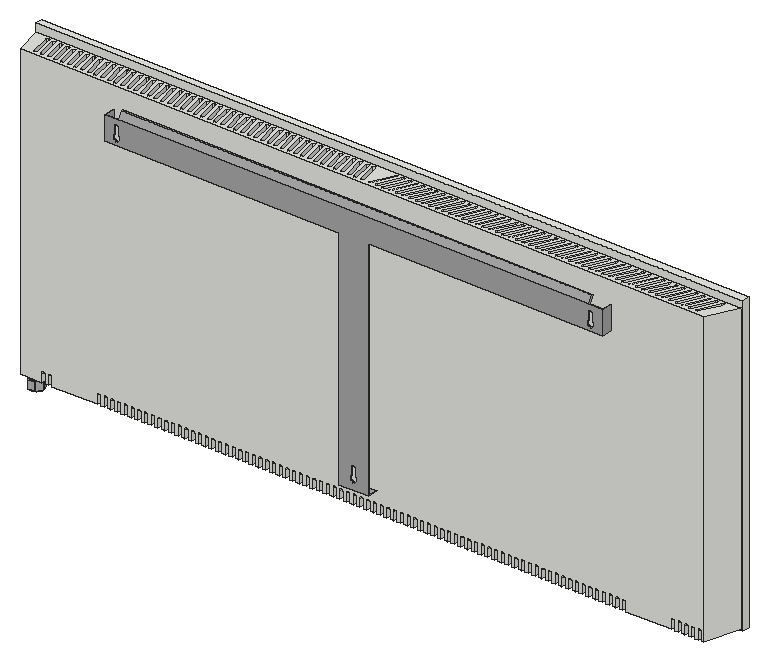
Revit family "Modern Plus", category Mechanical Equipment, host Wall, Revit 2020 (continued)
Definition of nested family "MDN 1500 PLUS"
  Forms (mm)
    Extrusion 12, void
      sketch origin (0, 0, 0) x (1, 0, 0) y (0, 1, 0)
        loop
          line (-33.63, -7.84) -> (-23.397, 25.63)
          arc (-23.397, 25.63) -> (-25.057, 28.752) -> (-28.178, 27.092) r 2.5
          line (-28.178, 27.092) -> (-38.411, -6.378)
          arc (-38.411, -6.378) -> (-36.751, -9.5) -> (-33.63, -7.84) r 2.5
        loop
          line (-23.73, -7.84) -> (-13.497, 25.63)
          arc (-13.497, 25.63) -> (-15.157, 28.752) -> (-18.278, 27.092) r 2.5
          line (-18.278, 27.092) -> (-28.511, -6.378)
          arc (-28.511, -6.378) -> (-26.851, -9.5) -> (-23.73, -7.84) r 2.5
        loop
          line (-13.83, -7.84) -> (-3.597, 25.63)
          arc (-3.597, 25.63) -> (-5.257, 28.752) -> (-8.378, 27.092) r 2.5
          line (-8.378, 27.092) -> (-18.611, -6.378)
          arc (-18.611, -6.378) -> (-16.951, -9.5) -> (-13.83, -7.84) r 2.5
        loop
          line (-498.93, -7.84) -> (-488.697, 25.63)
          arc (-488.697, 25.63) -> (-490.357, 28.752) -> (-493.478, 27.092) r 2.5
          line (-493.478, 27.092) -> (-503.711, -6.378)
          arc (-503.711, -6.378) -> (-502.051, -9.5) -> (-498.93, -7.84) r 2.5
        loop
          arc (498.93, -7.84) -> (502.051, -9.5) -> (503.711, -6.378) r 2.5
          line (503.711, -6.378) -> (493.478, 27.092)
          arc (493.478, 27.092) -> (490.357, 28.752) -> (488.697, 25.63) r 2.5
          line (488.697, 25.63) -> (498.93, -7.84)
        loop
          arc (419.73, -7.84) -> (422.851, -9.5) -> (424.511, -6.378) r 2.5
          line (424.511, -6.378) -> (414.278, 27.092)
          arc (414.278, 27.092) -> (411.157, 28.752) -> (409.497, 25.63) r 2.5
          line (409.497, 25.63) -> (419.73, -7.84)
        loop
          arc (409.83, -7.84) -> (412.951, -9.5) -> (414.611, -6.378) r 2.5
          line (414.611, -6.378) -> (404.378, 27.092)
          arc (404.378, 27.092) -> (401.257, 28.752) -> (399.597, 25.63) r 2.5
          line (399.597, 25.63) -> (409.83, -7.84)
        loop
          arc (399.93, -7.84) -> (403.051, -9.5) -> (404.711, -6.378) r 2.5
          line (404.711, -6.378) -> (394.478, 27.092)
          arc (394.478, 27.092) -> (391.357, 28.752) -> (389.697, 25.63) r 2.5
          line (389.697, 25.63) -> (399.93, -7.84)
        loop
          arc (390.03, -7.84) -> (393.151, -9.5) -> (394.811, -6.378) r 2.5
          line (394.811, -6.378) -> (384.578, 27.092)
          arc (384.578, 27.092) -> (381.457, 28.752) -> (379.797, 25.63) r 2.5
          line (379.797, 25.63) -> (390.03, -7.84)
        loop
          arc (380.13, -7.84) -> (383.251, -9.5) -> (384.911, -6.378) r 2.5
          line (384.911, -6.378) -> (374.678, 27.092)
          arc (374.678, 27.092) -> (371.557, 28.752) -> (369.897, 25.63) r 2.5
          line (369.897, 25.63) -> (380.13, -7.84)
        loop
          arc (370.23, -7.84) -> (373.351, -9.5) -> (375.011, -6.378) r 2.5
          line (375.011, -6.378) -> (364.778, 27.092)
          arc (364.778, 27.092) -> (361.657, 28.752) -> (359.997, 25.63) r 2.5
          line (359.997, 25.63) -> (370.23, -7.84)
        loop
          arc (360.33, -7.84) -> (363.451, -9.5) -> (365.111, -6.378) r 2.5
          line (365.111, -6.378) -> (354.878, 27.092)
          arc (354.878, 27.092) -> (351.757, 28.752) -> (350.097, 25.63) r 2.5
          line (350.097, 25.63) -> (360.33, -7.84)
        loop
          arc (489.03, -7.84) -> (492.151, -9.5) -> (493.811, -6.378) r 2.5
          line (493.811, -6.378) -> (483.578, 27.092)
          arc (483.578, 27.092) -> (480.457, 28.752) -> (478.797, 25.63) r 2.5
          line (478.797, 25.63) -> (489.03, -7.84)
        loop
          arc (479.13, -7.84) -> (482.251, -9.5) -> (483.911, -6.378) r 2.5
          line (483.911, -6.378) -> (473.678, 27.092)
          arc (473.678, 27.092) -> (470.557, 28.752) -> (468.897, 25.63) r 2.5
          line (468.897, 25.63) -> (479.13, -7.84)
        loop
          arc (469.23, -7.84) -> (472.351, -9.5) -> (474.011, -6.378) r 2.5
          line (474.011, -6.378) -> (463.778, 27.092)
          arc (463.778, 27.092) -> (460.657, 28.752) -> (458.997, 25.63) r 2.5
          line (458.997, 25.63) -> (469.23, -7.84)
        loop
          arc (459.33, -7.84) -> (462.451, -9.5) -> (464.111, -6.378) r 2.5
          line (464.111, -6.378) -> (453.878, 27.092)
          arc (453.878, 27.092) -> (450.757, 28.752) -> (449.097, 25.63) r 2.5
          line (449.097, 25.63) -> (459.33, -7.84)
        loop
          arc (449.43, -7.84) -> (452.551, -9.5) -> (454.211, -6.378) r 2.5
          line (454.211, -6.378) -> (443.978, 27.092)
          arc (443.978, 27.092) -> (440.857, 28.752) -> (439.197, 25.63) r 2.5
          line (439.197, 25.63) -> (449.43, -7.84)
        loop
          arc (439.53, -7.84) -> (442.651, -9.5) -> (444.311, -6.378) r 2.5
          line (444.311, -6.378) -> (434.078, 27.092)
          arc (434.078, 27.092) -> (430.957, 28.752) -> (429.297, 25.63) r 2.5
          line (429.297, 25.63) -> (439.53, -7.84)
        loop
          arc (429.63, -7.84) -> (432.751, -9.5) -> (434.411, -6.378) r 2.5
          line (434.411, -6.378) -> (424.178, 27.092)
          arc (424.178, 27.092) -> (421.057, 28.752) -> (419.397, 25.63) r 2.5
          line (419.397, 25.63) -> (429.63, -7.84)
        loop
          line (-429.63, -7.84) -> (-419.397, 25.63)
          arc (-419.397, 25.63) -> (-421.057, 28.752) -> (-424.178, 27.092) r 2.5
          line (-424.178, 27.092) -> (-434.411, -6.378)
          arc (-434.411, -6.378) -> (-432.751, -9.5) -> (-429.63, -7.84) r 2.5
        loop
          line (-419.73, -7.84) -> (-409.497, 25.63)
          arc (-409.497, 25.63) -> (-411.157, 28.752) -> (-414.278, 27.092) r 2.5
          line (-414.278, 27.092) -> (-424.511, -6.378)
          arc (-424.511, -6.378) -> (-422.851, -9.5) -> (-419.73, -7.84) r 2.5
        loop
          line (-409.83, -7.84) -> (-399.597, 25.63)
          arc (-399.597, 25.63) -> (-401.257, 28.752) -> (-404.378, 27.092) r 2.5
          line (-404.378, 27.092) -> (-414.611, -6.378)
          arc (-414.611, -6.378) -> (-412.951, -9.5) -> (-409.83, -7.84) r 2.5
        loop
          line (-399.93, -7.84) -> (-389.697, 25.63)
          arc (-389.697, 25.63) -> (-391.357, 28.752) -> (-394.478, 27.092) r 2.5
          line (-394.478, 27.092) -> (-404.711, -6.378)
          arc (-404.711, -6.378) -> (-403.051, -9.5) -> (-399.93, -7.84) r 2.5
        loop
          line (-390.03, -7.84) -> (-379.797, 25.63)
          arc (-379.797, 25.63) -> (-381.457, 28.752) -> (-384.578, 27.092) r 2.5
          line (-384.578, 27.092) -> (-394.811, -6.378)
          arc (-394.811, -6.378) -> (-393.151, -9.5) -> (-390.03, -7.84) r 2.5
        loop
          line (-380.13, -7.84) -> (-369.897, 25.63)
          arc (-369.897, 25.63) -> (-371.557, 28.752) -> (-374.678, 27.092) r 2.5
          line (-374.678, 27.092) -> (-384.911, -6.378)
          arc (-384.911, -6.378) -> (-383.251, -9.5) -> (-380.13, -7.84) r 2.5
        loop
          line (-370.23, -7.84) -> (-359.997, 25.63)
          arc (-359.997, 25.63) -> (-361.657, 28.752) -> (-364.778, 27.092) r 2.5
          line (-364.778, 27.092) -> (-375.011, -6.378)
          arc (-375.011, -6.378) -> (-373.351, -9.5) -> (-370.23, -7.84) r 2.5
        loop
          line (-360.33, -7.84) -> (-350.097, 25.63)
          arc (-350.097, 25.63) -> (-351.757, 28.752) -> (-354.878, 27.092) r 2.5
          line (-354.878, 27.092) -> (-365.111, -6.378)
          arc (-365.111, -6.378) -> (-363.451, -9.5) -> (-360.33, -7.84) r 2.5
        loop
          line (-489.03, -7.84) -> (-478.797, 25.63)
          arc (-478.797, 25.63) -> (-480.457, 28.752) -> (-483.578, 27.092) r 2.5
          line (-483.578, 27.092) -> (-493.811, -6.378)
          arc (-493.811, -6.378) -> (-492.151, -9.5) -> (-489.03, -7.84) r 2.5
        loop
          line (-479.13, -7.84) -> (-468.897, 25.63)
          arc (-468.897, 25.63) -> (-470.557, 28.752) -> (-473.678, 27.092) r 2.5
          line (-473.678, 27.092) -> (-483.911, -6.378)
          arc (-483.911, -6.378) -> (-482.251, -9.5) -> (-479.13, -7.84) r 2.5
        loop
          line (-469.23, -7.84) -> (-458.997, 25.63)
          arc (-458.997, 25.63) -> (-460.657, 28.752) -> (-463.778, 27.092) r 2.5
          line (-463.778, 27.092) -> (-474.011, -6.378)
          arc (-474.011, -6.378) -> (-472.351, -9.5) -> (-469.23, -7.84) r 2.5
        loop
          line (-459.33, -7.84) -> (-449.097, 25.63)
          arc (-449.097, 25.63) -> (-450.757, 28.752) -> (-453.878, 27.092) r 2.5
          line (-453.878, 27.092) -> (-464.111, -6.378)
          arc (-464.111, -6.378) -> (-462.451, -9.5) -> (-459.33, -7.84) r 2.5
        loop
          line (-449.43, -7.84) -> (-439.197, 25.63)
          arc (-439.197, 25.63) -> (-440.857, 28.752) -> (-443.978, 27.092) r 2.5
          line (-443.978, 27.092) -> (-454.211, -6.378)
          arc (-454.211, -6.378) -> (-452.551, -9.5) -> (-449.43, -7.84) r 2.5
        loop
          line (-439.53, -7.84) -> (-429.297, 25.63)
          arc (-429.297, 25.63) -> (-430.957, 28.752) -> (-434.078, 27.092) r 2.5
          line (-434.078, 27.092) -> (-444.311, -6.378)
          arc (-444.311, -6.378) -> (-442.651, -9.5) -> (-439.53, -7.84) r 2.5
      from 420 to 440
    Extrusion 13, void
      sketch origin (150, 0, 0) x (1, 0, 0) y (0, 1, 0)
        loop
          line (297, -25.5) -> (297, -15.5) -> (253, -15.5) -> (253, -25.5) -> (297, -25.5)
      from 0 to 3
    Extrusion 14, void
      sketch origin (-150, 0, 0) x (-1, 0, 0) y (0, -1, 0)
        loop
          line (297, 25.5) -> (253, 25.5) -> (253, 15.5) -> (297, 15.5) -> (297, 25.5)
      from 0 to 3
    Extrusion 15, void
      sketch origin (0, 200, 0) x (1, 0, 0) y (0, 1, 0)
        loop
          line (-480, -184) -> (-480, -209)
          arc (-480, -209) -> (-477.5, -211.5) -> (-475, -209) r 2.5
          line (-475, -209) -> (-475, -184)
          arc (-475, -184) -> (-477.5, -181.5) -> (-480, -184) r 2.5
        loop
          line (-470.469, -184) -> (-470.469, -209.229)
          arc (-470.469, -209.229) -> (-467.969, -211.729) -> (-465.469, -209.229) r 2.5
          line (-465.469, -209.229) -> (-465.469, -184)
          arc (-465.469, -184) -> (-467.969, -181.5) -> (-470.469, -184) r 2.5
        loop
          line (-460, -184) -> (-460, -209)
          arc (-460, -209) -> (-457.5, -211.5) -> (-455, -209) r 2.5
          line (-455, -209) -> (-455, -184)
          arc (-455, -184) -> (-457.5, -181.5) -> (-460, -184) r 2.5
        loop
          line (2.5, -184) -> (2.5, -209)
          arc (2.5, -209) -> (5, -211.5) -> (7.5, -209) r 2.5
          line (7.5, -209) -> (7.5, -184)
          arc (7.5, -184) -> (5, -181.5) -> (2.5, -184) r 2.5
        loop
          line (-7.5, -184) -> (-7.5, -209)
          arc (-7.5, -209) -> (-5, -211.5) -> (-2.5, -209) r 2.5
          line (-2.5, -209) -> (-2.5, -184)
          arc (-2.5, -184) -> (-5, -181.5) -> (-7.5, -184) r 2.5
        loop
          line (-17.5, -184) -> (-17.5, -209)
          arc (-17.5, -209) -> (-15, -211.5) -> (-12.5, -209) r 2.5
          line (-12.5, -209) -> (-12.5, -184)
          arc (-12.5, -184) -> (-15, -181.5) -> (-17.5, -184) r 2.5
        loop
          line (-27.5, -184) -> (-27.5, -209)
          arc (-27.5, -209) -> (-25, -211.5) -> (-22.5, -209) r 2.5
          line (-22.5, -209) -> (-22.5, -184)
          arc (-22.5, -184) -> (-25, -181.5) -> (-27.5, -184) r 2.5
        loop
          line (-37.5, -184) -> (-37.5, -209)
          arc (-37.5, -209) -> (-35, -211.5) -> (-32.5, -209) r 2.5
          line (-32.5, -209) -> (-32.5, -184)
          arc (-32.5, -184) -> (-35, -181.5) -> (-37.5, -184) r 2.5
        loop
          line (-47.5, -184) -> (-47.5, -209)
          arc (-47.5, -209) -> (-45, -211.5) -> (-42.5, -209) r 2.5
          line (-42.5, -209) -> (-42.5, -184)
          arc (-42.5, -184) -> (-45, -181.5) -> (-47.5, -184) r 2.5
        loop
          line (-57.5, -184) -> (-57.5, -209)
          arc (-57.5, -209) -> (-55, -211.5) -> (-52.5, -209) r 2.5
          line (-52.5, -209) -> (-52.5, -184)
          arc (-52.5, -184) -> (-55, -181.5) -> (-57.5, -184) r 2.5
        loop
          line (-67.5, -184) -> (-67.5, -209)
          arc (-67.5, -209) -> (-65, -211.5) -> (-62.5, -209) r 2.5
          line (-62.5, -209) -> (-62.5, -184)
          arc (-62.5, -184) -> (-65, -181.5) -> (-67.5, -184) r 2.5
        loop
          line (42.5, -184) -> (42.5, -209)
          arc (42.5, -209) -> (45, -211.5) -> (47.5, -209) r 2.5
          line (47.5, -209) -> (47.5, -184)
          arc (47.5, -184) -> (45, -181.5) -> (42.5, -184) r 2.5
        loop
          line (32.5, -184) -> (32.5, -209)
          arc (32.5, -209) -> (35, -211.5) -> (37.5, -209) r 2.5
          line (37.5, -209) -> (37.5, -184)
          arc (37.5, -184) -> (35, -181.5) -> (32.5, -184) r 2.5
        loop
          line (22.5, -184) -> (22.5, -209)
          arc (22.5, -209) -> (25, -211.5) -> (27.5, -209) r 2.5
          line (27.5, -209) -> (27.5, -184)
          arc (27.5, -184) -> (25, -181.5) -> (22.5, -184) r 2.5
        loop
          line (12.5, -184) -> (12.5, -209)
          arc (12.5, -209) -> (15, -211.5) -> (17.5, -209) r 2.5
          line (17.5, -209) -> (17.5, -184)
          arc (17.5, -184) -> (15, -181.5) -> (12.5, -184) r 2.5
        loop
          line (62.5, -184) -> (62.5, -209)
          arc (62.5, -209) -> (65, -211.5) -> (67.5, -209) r 2.5
          line (67.5, -209) -> (67.5, -184)
          arc (67.5, -184) -> (65, -181.5) -> (62.5, -184) r 2.5
        loop
          line (52.5, -184) -> (52.5, -209)
          arc (52.5, -209) -> (55, -211.5) -> (57.5, -209) r 2.5
          line (57.5, -209) -> (57.5, -184)
          arc (57.5, -184) -> (55, -181.5) -> (52.5, -184) r 2.5
        loop
          line (-97.5, -184) -> (-97.5, -209)
          arc (-97.5, -209) -> (-95, -211.5) -> (-92.5, -209) r 2.5
          line (-92.5, -209) -> (-92.5, -184)
          arc (-92.5, -184) -> (-95, -181.5) -> (-97.5, -184) r 2.5
        loop
          line (-107.5, -184) -> (-107.5, -209)
          arc (-107.5, -209) -> (-105, -211.5) -> (-102.5, -209) r 2.5
          line (-102.5, -209) -> (-102.5, -184)
          arc (-102.5, -184) -> (-105, -181.5) -> (-107.5, -184) r 2.5
        loop
          line (-117.5, -184) -> (-117.5, -209)
          arc (-117.5, -209) -> (-115, -211.5) -> (-112.5, -209) r 2.5
          line (-112.5, -209) -> (-112.5, -184)
          arc (-112.5, -184) -> (-115, -181.5) -> (-117.5, -184) r 2.5
        loop
          line (-127.5, -184) -> (-127.5, -209)
          arc (-127.5, -209) -> (-125, -211.5) -> (-122.5, -209) r 2.5
          line (-122.5, -209) -> (-122.5, -184)
          arc (-122.5, -184) -> (-125, -181.5) -> (-127.5, -184) r 2.5
        loop
          line (-137.5, -184) -> (-137.5, -209)
          arc (-137.5, -209) -> (-135, -211.5) -> (-132.5, -209) r 2.5
          line (-132.5, -209) -> (-132.5, -184)
          arc (-132.5, -184) -> (-135, -181.5) -> (-137.5, -184) r 2.5
        loop
          line (-147.5, -184) -> (-147.5, -209)
          arc (-147.5, -209) -> (-145, -211.5) -> (-142.5, -209) r 2.5
          line (-142.5, -209) -> (-142.5, -184)
          arc (-142.5, -184) -> (-145, -181.5) -> (-147.5, -184) r 2.5
        loop
          line (-157.5, -184) -> (-157.5, -209)
          arc (-157.5, -209) -> (-155, -211.5) -> (-152.5, -209) r 2.5
          line (-152.5, -209) -> (-152.5, -184)
          arc (-152.5, -184) -> (-155, -181.5) -> (-157.5, -184) r 2.5
        loop
          line (-167.5, -184) -> (-167.5, -209)
          arc (-167.5, -209) -> (-165, -211.5) -> (-162.5, -209) r 2.5
          line (-162.5, -209) -> (-162.5, -184)
          arc (-162.5, -184) -> (-165, -181.5) -> (-167.5, -184) r 2.5
        loop
          line (-77.5, -184) -> (-77.5, -209)
          arc (-77.5, -209) -> (-75, -211.5) -> (-72.5, -209) r 2.5
          line (-72.5, -209) -> (-72.5, -184)
          arc (-72.5, -184) -> (-75, -181.5) -> (-77.5, -184) r 2.5
        loop
          line (-87.5, -184) -> (-87.5, -209)
          arc (-87.5, -209) -> (-85, -211.5) -> (-82.5, -209) r 2.5
          line (-82.5, -209) -> (-82.5, -184)
          arc (-82.5, -184) -> (-85, -181.5) -> (-87.5, -184) r 2.5
        loop
          line (-197.5, -184) -> (-197.5, -209)
          arc (-197.5, -209) -> (-195, -211.5) -> (-192.5, -209) r 2.5
          line (-192.5, -209) -> (-192.5, -184)
          arc (-192.5, -184) -> (-195, -181.5) -> (-197.5, -184) r 2.5
        loop
          line (-207.5, -184) -> (-207.5, -209)
          arc (-207.5, -209) -> (-205, -211.5) -> (-202.5, -209) r 2.5
          line (-202.5, -209) -> (-202.5, -184)
          arc (-202.5, -184) -> (-205, -181.5) -> (-207.5, -184) r 2.5
        loop
          line (-217.5, -184) -> (-217.5, -209)
          arc (-217.5, -209) -> (-215, -211.5) -> (-212.5, -209) r 2.5
          line (-212.5, -209) -> (-212.5, -184)
          arc (-212.5, -184) -> (-215, -181.5) -> (-217.5, -184) r 2.5
        loop
          line (-227.5, -184) -> (-227.5, -209)
          arc (-227.5, -209) -> (-225, -211.5) -> (-222.5, -209) r 2.5
          line (-222.5, -209) -> (-222.5, -184)
          arc (-222.5, -184) -> (-225, -181.5) -> (-227.5, -184) r 2.5
        loop
          line (-237.5, -184) -> (-237.5, -209)
          arc (-237.5, -209) -> (-235, -211.5) -> (-232.5, -209) r 2.5
          line (-232.5, -209) -> (-232.5, -184)
          arc (-232.5, -184) -> (-235, -181.5) -> (-237.5, -184) r 2.5
        loop
          line (-177.5, -184) -> (-177.5, -209)
          arc (-177.5, -209) -> (-175, -211.5) -> (-172.5, -209) r 2.5
          line (-172.5, -209) -> (-172.5, -184)
          arc (-172.5, -184) -> (-175, -181.5) -> (-177.5, -184) r 2.5
        loop
          line (-187.5, -184) -> (-187.5, -209)
          arc (-187.5, -209) -> (-185, -211.5) -> (-182.5, -209) r 2.5
          line (-182.5, -209) -> (-182.5, -184)
          arc (-182.5, -184) -> (-185, -181.5) -> (-187.5, -184) r 2.5
        loop
          line (222.5, -184) -> (222.5, -209)
          arc (222.5, -209) -> (225, -211.5) -> (227.5, -209) r 2.5
          line (227.5, -209) -> (227.5, -184)
          arc (227.5, -184) -> (225, -181.5) -> (222.5, -184) r 2.5
        loop
          line (212.5, -184) -> (212.5, -209)
          arc (212.5, -209) -> (215, -211.5) -> (217.5, -209) r 2.5
          line (217.5, -209) -> (217.5, -184)
          arc (217.5, -184) -> (215, -181.5) -> (212.5, -184) r 2.5
        loop
          line (202.5, -184) -> (202.5, -209)
          arc (202.5, -209) -> (205, -211.5) -> (207.5, -209) r 2.5
          line (207.5, -209) -> (207.5, -184)
          arc (207.5, -184) -> (205, -181.5) -> (202.5, -184) r 2.5
        loop
          line (192.5, -184) -> (192.5, -209)
          arc (192.5, -209) -> (195, -211.5) -> (197.5, -209) r 2.5
          line (197.5, -209) -> (197.5, -184)
          arc (197.5, -184) -> (195, -181.5) -> (192.5, -184) r 2.5
        loop
          line (182.5, -184) -> (182.5, -209)
          arc (182.5, -209) -> (185, -211.5) -> (187.5, -209) r 2.5
          line (187.5, -209) -> (187.5, -184)
          arc (187.5, -184) -> (185, -181.5) -> (182.5, -184) r 2.5
        loop
          line (172.5, -184) -> (172.5, -209)
          arc (172.5, -209) -> (175, -211.5) -> (177.5, -209) r 2.5
          line (177.5, -209) -> (177.5, -184)
          arc (177.5, -184) -> (175, -181.5) -> (172.5, -184) r 2.5
        loop
          line (162.5, -184) -> (162.5, -209)
          arc (162.5, -209) -> (165, -211.5) -> (167.5, -209) r 2.5
          line (167.5, -209) -> (167.5, -184)
          arc (167.5, -184) -> (165, -181.5) -> (162.5, -184) r 2.5
        loop
          line (152.5, -184) -> (152.5, -209)
          arc (152.5, -209) -> (155, -211.5) -> (157.5, -209) r 2.5
          line (157.5, -209) -> (157.5, -184)
          arc (157.5, -184) -> (155, -181.5) -> (152.5, -184) r 2.5
        loop
          line (242.5, -184) -> (242.5, -209)
          arc (242.5, -209) -> (245, -211.5) -> (247.5, -209) r 2.5
          line (247.5, -209) -> (247.5, -184)
          arc (247.5, -184) -> (245, -181.5) -> (242.5, -184) r 2.5
        loop
          line (232.5, -184) -> (232.5, -209)
          arc (232.5, -209) -> (235, -211.5) -> (237.5, -209) r 2.5
          line (237.5, -209) -> (237.5, -184)
          arc (237.5, -184) -> (235, -181.5) -> (232.5, -184) r 2.5
        loop
          line (122.5, -184) -> (122.5, -209)
          arc (122.5, -209) -> (125, -211.5) -> (127.5, -209) r 2.5
          line (127.5, -209) -> (127.5, -184)
          arc (127.5, -184) -> (125, -181.5) -> (122.5, -184) r 2.5
        loop
          line (112.5, -184) -> (112.5, -209)
          arc (112.5, -209) -> (115, -211.5) -> (117.5, -209) r 2.5
          line (117.5, -209) -> (117.5, -184)
          arc (117.5, -184) -> (115, -181.5) -> (112.5, -184) r 2.5
        loop
          line (102.5, -184) -> (102.5, -209)
          arc (102.5, -209) -> (105, -211.5) -> (107.5, -209) r 2.5
          line (107.5, -209) -> (107.5, -184)
          arc (107.5, -184) -> (105, -181.5) -> (102.5, -184) r 2.5
        loop
          line (92.5, -184) -> (92.5, -209)
          arc (92.5, -209) -> (95, -211.5) -> (97.5, -209) r 2.5
          line (97.5, -209) -> (97.5, -184)
          arc (97.5, -184) -> (95, -181.5) -> (92.5, -184) r 2.5
        loop
          line (82.5, -184) -> (82.5, -209)
          arc (82.5, -209) -> (85, -211.5) -> (87.5, -209) r 2.5
          line (87.5, -209) -> (87.5, -184)
          arc (87.5, -184) -> (85, -181.5) -> (82.5, -184) r 2.5
        loop
          line (72.5, -184) -> (72.5, -209)
          arc (72.5, -209) -> (75, -211.5) -> (77.5, -209) r 2.5
          line (77.5, -209) -> (77.5, -184)
          arc (77.5, -184) -> (75, -181.5) -> (72.5, -184) r 2.5
        loop
          line (142.5, -184) -> (142.5, -209)
          arc (142.5, -209) -> (145, -211.5) -> (147.5, -209) r 2.5
          line (147.5, -209) -> (147.5, -184)
          arc (147.5, -184) -> (145, -181.5) -> (142.5, -184) r 2.5
        loop
          line (132.5, -184) -> (132.5, -209)
          arc (132.5, -209) -> (135, -211.5) -> (137.5, -209) r 2.5
          line (137.5, -209) -> (137.5, -184)
          arc (137.5, -184) -> (135, -181.5) -> (132.5, -184) r 2.5
        loop
          line (455, -184) -> (455, -209)
          arc (455, -209) -> (457.5, -211.5) -> (460, -209) r 2.5
          line (460, -209) -> (460, -184)
          arc (460, -184) -> (457.5, -181.5) -> (455, -184) r 2.5
        loop
          line (465, -184) -> (465, -209)
          arc (465, -209) -> (467.5, -211.5) -> (470, -209) r 2.5
          line (470, -209) -> (470, -184)
          arc (470, -184) -> (467.5, -181.5) -> (465, -184) r 2.5
        loop
          line (475, -184) -> (475, -209)
          arc (475, -209) -> (477.5, -211.5) -> (480, -209) r 2.5
          line (480, -209) -> (480, -184)
          arc (480, -184) -> (477.5, -181.5) -> (475, -184) r 2.5
        loop
          line (-500, -184) -> (-500, -209)
          arc (-500, -209) -> (-497.5, -211.5) -> (-495, -209) r 2.5
          line (-495, -209) -> (-495, -184)
          arc (-495, -184) -> (-497.5, -181.5) -> (-500, -184) r 2.5
        loop
          line (-490, -184) -> (-490, -209)
          arc (-490, -209) -> (-487.5, -211.5) -> (-485, -209) r 2.5
          line (-485, -209) -> (-485, -184)
          arc (-485, -184) -> (-487.5, -181.5) -> (-490, -184) r 2.5
        loop
          line (392.5, -184) -> (392.5, -209)
          arc (392.5, -209) -> (395, -211.5) -> (397.5, -209) r 2.5
          line (397.5, -209) -> (397.5, -184)
          arc (397.5, -184) -> (395, -181.5) -> (392.5, -184) r 2.5
        loop
          line (262.5, -184) -> (262.5, -209)
          arc (262.5, -209) -> (265, -211.5) -> (267.5, -209) r 2.5
          line (267.5, -209) -> (267.5, -184)
          arc (267.5, -184) -> (265, -181.5) -> (262.5, -184) r 2.5
        loop
          line (252.5, -184) -> (252.5, -209)
          arc (252.5, -209) -> (255, -211.5) -> (257.5, -209) r 2.5
          line (257.5, -209) -> (257.5, -184)
          arc (257.5, -184) -> (255, -181.5) -> (252.5, -184) r 2.5
        loop
          line (282.5, -184) -> (282.5, -209)
          arc (282.5, -209) -> (285, -211.5) -> (287.5, -209) r 2.5
          line (287.5, -209) -> (287.5, -184)
          arc (287.5, -184) -> (285, -181.5) -> (282.5, -184) r 2.5
        loop
          line (272.5, -184) -> (272.5, -209)
          arc (272.5, -209) -> (275, -211.5) -> (277.5, -209) r 2.5
          line (277.5, -209) -> (277.5, -184)
          arc (277.5, -184) -> (275, -181.5) -> (272.5, -184) r 2.5
        loop
          line (302.5, -184) -> (302.5, -209)
          arc (302.5, -209) -> (305, -211.5) -> (307.5, -209) r 2.5
          line (307.5, -209) -> (307.5, -184)
          arc (307.5, -184) -> (305, -181.5) -> (302.5, -184) r 2.5
        loop
          line (292.5, -184) -> (292.5, -209)
          arc (292.5, -209) -> (295, -211.5) -> (297.5, -209) r 2.5
          line (297.5, -209) -> (297.5, -184)
          arc (297.5, -184) -> (295, -181.5) -> (292.5, -184) r 2.5
        loop
          line (322.5, -184) -> (322.5, -209)
          arc (322.5, -209) -> (325, -211.5) -> (327.5, -209) r 2.5
          line (327.5, -209) -> (327.5, -184)
          arc (327.5, -184) -> (325, -181.5) -> (322.5, -184) r 2.5
        loop
          line (312.5, -184) -> (312.5, -209)
          arc (312.5, -209) -> (315, -211.5) -> (317.5, -209) r 2.5
          line (317.5, -209) -> (317.5, -184)
          arc (317.5, -184) -> (315, -181.5) -> (312.5, -184) r 2.5
        loop
          line (342.5, -184) -> (342.5, -209)
          arc (342.5, -209) -> (345, -211.5) -> (347.5, -209) r 2.5
          line (347.5, -209) -> (347.5, -184)
          arc (347.5, -184) -> (345, -181.5) -> (342.5, -184) r 2.5
        loop
          line (332.5, -184) -> (332.5, -209)
          arc (332.5, -209) -> (335, -211.5) -> (337.5, -209) r 2.5
          line (337.5, -209) -> (337.5, -184)
          arc (337.5, -184) -> (335, -181.5) -> (332.5, -184) r 2.5
        loop
          line (362.5, -184) -> (362.5, -209)
          arc (362.5, -209) -> (365, -211.5) -> (367.5, -209) r 2.5
          line (367.5, -209) -> (367.5, -184)
          arc (367.5, -184) -> (365, -181.5) -> (362.5, -184) r 2.5
        loop
          line (352.5, -184) -> (352.5, -209)
          arc (352.5, -209) -> (355, -211.5) -> (357.5, -209) r 2.5
          line (357.5, -209) -> (357.5, -184)
          arc (357.5, -184) -> (355, -181.5) -> (352.5, -184) r 2.5
        loop
          line (382.5, -184) -> (382.5, -209)
          arc (382.5, -209) -> (385, -211.5) -> (387.5, -209) r 2.5
          line (387.5, -209) -> (387.5, -184)
          arc (387.5, -184) -> (385, -181.5) -> (382.5, -184) r 2.5
        loop
          line (372.5, -184) -> (372.5, -209)
          arc (372.5, -209) -> (375, -211.5) -> (377.5, -209) r 2.5
          line (377.5, -209) -> (377.5, -184)
          arc (377.5, -184) -> (375, -181.5) -> (372.5, -184) r 2.5
        loop
          line (-357.533, -184) -> (-357.533, -209)
          arc (-357.533, -209) -> (-355.033, -211.5) -> (-352.533, -209) r 2.5
          line (-352.533, -209) -> (-352.533, -184)
          arc (-352.533, -184) -> (-355.033, -181.5) -> (-357.533, -184) r 2.5
        loop
          line (-337.533, -184) -> (-337.533, -209)
          arc (-337.533, -209) -> (-335.033, -211.5) -> (-332.533, -209) r 2.5
          line (-332.533, -209) -> (-332.533, -184)
          arc (-332.533, -184) -> (-335.033, -181.5) -> (-337.533, -184) r 2.5
        loop
          line (-347.533, -184) -> (-347.533, -209)
          arc (-347.533, -209) -> (-345.033, -211.5) -> (-342.533, -209) r 2.5
          line (-342.533, -209) -> (-342.533, -184)
          arc (-342.533, -184) -> (-345.033, -181.5) -> (-347.533, -184) r 2.5
        loop
          line (-317.533, -184) -> (-317.533, -209)
          arc (-317.533, -209) -> (-315.033, -211.5) -> (-312.533, -209) r 2.5
          line (-312.533, -209) -> (-312.533, -184)
          arc (-312.533, -184) -> (-315.033, -181.5) -> (-317.533, -184) r 2.5
        loop
          line (-327.533, -184) -> (-327.533, -209)
          arc (-327.533, -209) -> (-325.033, -211.5) -> (-322.533, -209) r 2.5
          line (-322.533, -209) -> (-322.533, -184)
          arc (-322.533, -184) -> (-325.033, -181.5) -> (-327.533, -184) r 2.5
        loop
          line (-297.533, -184) -> (-297.533, -209)
          arc (-297.533, -209) -> (-295.033, -211.5) -> (-292.533, -209) r 2.5
          line (-292.533, -209) -> (-292.533, -184)
          arc (-292.533, -184) -> (-295.033, -181.5) -> (-297.533, -184) r 2.5
        loop
          line (-307.533, -184) -> (-307.533, -209)
          arc (-307.533, -209) -> (-305.033, -211.5) -> (-302.533, -209) r 2.5
          line (-302.533, -209) -> (-302.533, -184)
          arc (-302.533, -184) -> (-305.033, -181.5) -> (-307.533, -184) r 2.5
        loop
          line (-277.533, -184) -> (-277.533, -209)
          arc (-277.533, -209) -> (-275.033, -211.5) -> (-272.533, -209) r 2.5
          line (-272.533, -209) -> (-272.533, -184)
          arc (-272.533, -184) -> (-275.033, -181.5) -> (-277.533, -184) r 2.5
        loop
          line (-287.533, -184) -> (-287.533, -209)
          arc (-287.533, -209) -> (-285.033, -211.5) -> (-282.533, -209) r 2.5
          line (-282.533, -209) -> (-282.533, -184)
          arc (-282.533, -184) -> (-285.033, -181.5) -> (-287.533, -184) r 2.5
        loop
          line (-257.533, -184) -> (-257.533, -209)
          arc (-257.533, -209) -> (-255.033, -211.5) -> (-252.533, -209) r 2.5
          line (-252.533, -209) -> (-252.533, -184)
          arc (-252.533, -184) -> (-255.033, -181.5) -> (-257.533, -184) r 2.5
        loop
          line (-267.533, -184) -> (-267.533, -209)
          arc (-267.533, -209) -> (-265.033, -211.5) -> (-262.533, -209) r 2.5
          line (-262.533, -209) -> (-262.533, -184)
          arc (-262.533, -184) -> (-265.033, -181.5) -> (-267.533, -184) r 2.5
        loop
          line (-387.533, -184) -> (-387.533, -209)
          arc (-387.533, -209) -> (-385.033, -211.5) -> (-382.533, -209) r 2.5
          line (-382.533, -209) -> (-382.533, -184)
          arc (-382.533, -184) -> (-385.033, -181.5) -> (-387.533, -184) r 2.5
        loop
          line (-367.533, -184) -> (-367.533, -209)
          arc (-367.533, -209) -> (-365.033, -211.5) -> (-362.533, -209) r 2.5
          line (-362.533, -209) -> (-362.533, -184)
          arc (-362.533, -184) -> (-365.033, -181.5) -> (-367.533, -184) r 2.5
        loop
          line (-377.533, -184) -> (-377.533, -209)
          arc (-377.533, -209) -> (-375.033, -211.5) -> (-372.533, -209) r 2.5
          line (-372.533, -209) -> (-372.533, -184)
          arc (-372.533, -184) -> (-375.033, -181.5) -> (-377.533, -184) r 2.5
        loop
          line (-247.5, -184) -> (-247.5, -209)
          arc (-247.5, -209) -> (-245, -211.5) -> (-242.5, -209) r 2.5
          line (-242.5, -209) -> (-242.5, -184)
          arc (-242.5, -184) -> (-245, -181.5) -> (-247.5, -184) r 2.5
        loop
          line (-397.533, -184) -> (-397.533, -209)
          arc (-397.533, -209) -> (-395.033, -211.5) -> (-392.533, -209) r 2.5
          line (-392.533, -209) -> (-392.533, -184)
          arc (-392.533, -184) -> (-395.033, -181.5) -> (-397.533, -184) r 2.5
      from 2 to 12
    Revolve 16, void
      sketch origin (-150, 200, 2) x (1, 0, 0) y (0, 1, 0)
        loop
          line (-345, -164.5) -> (-345, -177)
          arc (-345, -177) -> (-342.5, -179.5) -> (-340, -177) r 2.5
          line (-340, -177) -> (-340, -164.5) -> (-345, -164.5)
        axis (-345, -164.5) -> (-340, -164.5)
      angle from 0 to -90
    Revolve 17, void
      sketch origin (-160, 200, 2) x (1, 0, 0) y (0, 1, 0)
        loop
          line (-345, -164.5) -> (-345, -177)
          arc (-345, -177) -> (-342.5, -179.5) -> (-340, -177) r 2.5
          line (-340, -177) -> (-340, -164.5) -> (-345, -164.5)
        axis (-345, -164.5) -> (-340, -164.5)
      angle from 0 to -90
    Revolve 18, void
      sketch origin (-140, 200, 2) x (1, 0, 0) y (0, 1, 0)
        loop
          line (-345, -164.5) -> (-345, -177)
          arc (-345, -177) -> (-342.5, -179.5) -> (-340, -177) r 2.5
          line (-340, -177) -> (-340, -164.5) -> (-345, -164.5)
        axis (-345, -164.5) -> (-340, -164.5)
      angle from 0 to -90
    Revolve 19, void
      sketch origin (-120, 200, 2) x (1, 0, 0) y (0, 1, 0)
        loop
          line (-345, -164.5) -> (-345, -177)
          arc (-345, -177) -> (-342.5, -179.5) -> (-340, -177) r 2.5
          line (-340, -177) -> (-340, -164.5) -> (-345, -164.5)
        axis (-345, -164.5) -> (-340, -164.5)
      angle from 0 to -90
    Revolve 20, void
      sketch origin (-130, 200, 2) x (1, 0, 0) y (0, 1, 0)
        loop
          line (-345, -164.5) -> (-345, -177)
          arc (-345, -177) -> (-342.5, -179.5) -> (-340, -177) r 2.5
          line (-340, -177) -> (-340, -164.5) -> (-345, -164.5)
        axis (-345, -164.5) -> (-340, -164.5)
      angle from 0 to -90
    Revolve 21, void
      sketch origin (120, 200, 2) x (-1, 0, 0) y (0, -1, 0)
        loop
          line (-345, 164.5) -> (-340, 164.5) -> (-340, 177)
          arc (-340, 177) -> (-342.5, 179.5) -> (-345, 177) r 2.5
          line (-345, 177) -> (-345, 164.5)
        axis (-345, 164.5) -> (-340, 164.5)
      angle from 0 to -90
    Revolve 22, void
      sketch origin (130, 200, 2) x (-1, 0, 0) y (0, -1, 0)
        loop
          line (-345, 164.5) -> (-340, 164.5) -> (-340, 177)
          arc (-340, 177) -> (-342.5, 179.5) -> (-345, 177) r 2.5
          line (-345, 177) -> (-345, 164.5)
        axis (-345, 164.5) -> (-340, 164.5)
      angle from 0 to -90
    Revolve 23, void
      sketch origin (112.5, 200, 2) x (1, 0, 0) y (0, 1, 0)
        loop
          line (-345, -164.5) -> (-345, -177)
          arc (-345, -177) -> (-342.5, -179.5) -> (-340, -177) r 2.5
          line (-340, -177) -> (-340, -164.5) -> (-345, -164.5)
        axis (-345, -164.5) -> (-340, -164.5)
      angle from 0 to -90
    Revolve 24, void
      sketch origin (102.5, 200, 2) x (1, 0, 0) y (0, 1, 0)
        loop
          line (-345, -164.5) -> (-345, -177)
          arc (-345, -177) -> (-342.5, -179.5) -> (-340, -177) r 2.5
          line (-340, -177) -> (-340, -164.5) -> (-345, -164.5)
        axis (-345, -164.5) -> (-340, -164.5)
      angle from 0 to -90
    Revolve 25, void
      sketch origin (122.5, 200, 2) x (1, 0, 0) y (0, 1, 0)
        loop
          line (-345, -164.5) -> (-345, -177)
          arc (-345, -177) -> (-342.5, -179.5) -> (-340, -177) r 2.5
          line (-340, -177) -> (-340, -164.5) -> (-345, -164.5)
        axis (-345, -164.5) -> (-340, -164.5)
      angle from 0 to -90
    Revolve 26, void
      sketch origin (142.5, 200, 2) x (1, 0, 0) y (0, 1, 0)
        loop
          line (-345, -164.5) -> (-345, -177)
          arc (-345, -177) -> (-342.5, -179.5) -> (-340, -177) r 2.5
          line (-340, -177) -> (-340, -164.5) -> (-345, -164.5)
        axis (-345, -164.5) -> (-340, -164.5)
      angle from 0 to -90
    Revolve 27, void
      sketch origin (132.5, 200, 2) x (1, 0, 0) y (0, 1, 0)
        loop
          line (-345, -164.5) -> (-345, -177)
          arc (-345, -177) -> (-342.5, -179.5) -> (-340, -177) r 2.5
          line (-340, -177) -> (-340, -164.5) -> (-345, -164.5)
        axis (-345, -164.5) -> (-340, -164.5)
      angle from 0 to -90
    Revolve 28, void
      sketch origin (162.5, 200, 2) x (1, 0, 0) y (0, 1, 0)
        loop
          line (-345, -164.5) -> (-345, -177)
          arc (-345, -177) -> (-342.5, -179.5) -> (-340, -177) r 2.5
          line (-340, -177) -> (-340, -164.5) -> (-345, -164.5)
        axis (-345, -164.5) -> (-340, -164.5)
      angle from 0 to -90
    Revolve 29, void
      sketch origin (152.5, 200, 2) x (1, 0, 0) y (0, 1, 0)
        loop
          line (-345, -164.5) -> (-345, -177)
          arc (-345, -177) -> (-342.5, -179.5) -> (-340, -177) r 2.5
          line (-340, -177) -> (-340, -164.5) -> (-345, -164.5)
        axis (-345, -164.5) -> (-340, -164.5)
      angle from 0 to -90
    Revolve 30, void
      sketch origin (172.5, 200, 2) x (1, 0, 0) y (0, 1, 0)
        loop
          line (-345, -164.5) -> (-345, -177)
          arc (-345, -177) -> (-342.5, -179.5) -> (-340, -177) r 2.5
          line (-340, -177) -> (-340, -164.5) -> (-345, -164.5)
        axis (-345, -164.5) -> (-340, -164.5)
      angle from 0 to -90
    Revolve 31, void
      sketch origin (192.5, 200, 2) x (1, 0, 0) y (0, 1, 0)
        loop
          line (-345, -164.5) -> (-345, -177)
          arc (-345, -177) -> (-342.5, -179.5) -> (-340, -177) r 2.5
          line (-340, -177) -> (-340, -164.5) -> (-345, -164.5)
        axis (-345, -164.5) -> (-340, -164.5)
      angle from 0 to -90
    Revolve 32, void
      sketch origin (182.5, 200, 2) x (1, 0, 0) y (0, 1, 0)
        loop
          line (-345, -164.5) -> (-345, -177)
          arc (-345, -177) -> (-342.5, -179.5) -> (-340, -177) r 2.5
          line (-340, -177) -> (-340, -164.5) -> (-345, -164.5)
        axis (-345, -164.5) -> (-340, -164.5)
      angle from 0 to -90
    Revolve 33, void
      sketch origin (212.5, 200, 2) x (1, 0, 0) y (0, 1, 0)
        loop
          line (-345, -164.5) -> (-345, -177)
          arc (-345, -177) -> (-342.5, -179.5) -> (-340, -177) r 2.5
          line (-340, -177) -> (-340, -164.5) -> (-345, -164.5)
        axis (-345, -164.5) -> (-340, -164.5)
      angle from 0 to -90
    Revolve 34, void
      sketch origin (202.5, 200, 2) x (1, 0, 0) y (0, 1, 0)
        loop
          line (-345, -164.5) -> (-345, -177)
          arc (-345, -177) -> (-342.5, -179.5) -> (-340, -177) r 2.5
          line (-340, -177) -> (-340, -164.5) -> (-345, -164.5)
        axis (-345, -164.5) -> (-340, -164.5)
      angle from 0 to -90
    Revolve 35, void
      sketch origin (222.5, 200, 2) x (1, 0, 0) y (0, 1, 0)
        loop
          line (-345, -164.5) -> (-345, -177)
          arc (-345, -177) -> (-342.5, -179.5) -> (-340, -177) r 2.5
          line (-340, -177) -> (-340, -164.5) -> (-345, -164.5)
        axis (-345, -164.5) -> (-340, -164.5)
      angle from 0 to -90
    Revolve 36, void
      sketch origin (242.5, 200, 2) x (1, 0, 0) y (0, 1, 0)
        loop
          line (-345, -164.5) -> (-345, -177)
          arc (-345, -177) -> (-342.5, -179.5) -> (-340, -177) r 2.5
          line (-340, -177) -> (-340, -164.5) -> (-345, -164.5)
        axis (-345, -164.5) -> (-340, -164.5)
      angle from 0 to -90
    Revolve 37, void
      sketch origin (232.5, 200, 2) x (1, 0, 0) y (0, 1, 0)
        loop
          line (-345, -164.5) -> (-345, -177)
          arc (-345, -177) -> (-342.5, -179.5) -> (-340, -177) r 2.5
          line (-340, -177) -> (-340, -164.5) -> (-345, -164.5)
        axis (-345, -164.5) -> (-340, -164.5)
      angle from 0 to -90
    Revolve 38, void
      sketch origin (262.5, 200, 2) x (1, 0, 0) y (0, 1, 0)
        loop
          line (-345, -164.5) -> (-345, -177)
          arc (-345, -177) -> (-342.5, -179.5) -> (-340, -177) r 2.5
          line (-340, -177) -> (-340, -164.5) -> (-345, -164.5)
        axis (-345, -164.5) -> (-340, -164.5)
      angle from 0 to -90
    Revolve 39, void
      sketch origin (252.5, 200, 2) x (1, 0, 0) y (0, 1, 0)
        loop
          line (-345, -164.5) -> (-345, -177)
          arc (-345, -177) -> (-342.5, -179.5) -> (-340, -177) r 2.5
          line (-340, -177) -> (-340, -164.5) -> (-345, -164.5)
        axis (-345, -164.5) -> (-340, -164.5)
      angle from 0 to -90
    Revolve 40, void
      sketch origin (272.5, 200, 2) x (1, 0, 0) y (0, 1, 0)
        loop
          line (-345, -164.5) -> (-345, -177)
          arc (-345, -177) -> (-342.5, -179.5) -> (-340, -177) r 2.5
          line (-340, -177) -> (-340, -164.5) -> (-345, -164.5)
        axis (-345, -164.5) -> (-340, -164.5)
      angle from 0 to -90
    Revolve 41, void
      sketch origin (292.5, 200, 2) x (1, 0, 0) y (0, 1, 0)
        loop
          line (-345, -164.5) -> (-345, -177)
          arc (-345, -177) -> (-342.5, -179.5) -> (-340, -177) r 2.5
          line (-340, -177) -> (-340, -164.5) -> (-345, -164.5)
        axis (-345, -164.5) -> (-340, -164.5)
      angle from 0 to -90
    Revolve 42, void
      sketch origin (282.5, 200, 2) x (1, 0, 0) y (0, 1, 0)
        loop
          line (-345, -164.5) -> (-345, -177)
          arc (-345, -177) -> (-342.5, -179.5) -> (-340, -177) r 2.5
          line (-340, -177) -> (-340, -164.5) -> (-345, -164.5)
        axis (-345, -164.5) -> (-340, -164.5)
      angle from 0 to -90
    Revolve 43, void
      sketch origin (312.5, 200, 2) x (1, 0, 0) y (0, 1, 0)
        loop
          line (-345, -164.5) -> (-345, -177)
          arc (-345, -177) -> (-342.5, -179.5) -> (-340, -177) r 2.5
          line (-340, -177) -> (-340, -164.5) -> (-345, -164.5)
        axis (-345, -164.5) -> (-340, -164.5)
      angle from 0 to -90
    Revolve 44, void
      sketch origin (302.5, 200, 2) x (1, 0, 0) y (0, 1, 0)
        loop
          line (-345, -164.5) -> (-345, -177)
          arc (-345, -177) -> (-342.5, -179.5) -> (-340, -177) r 2.5
          line (-340, -177) -> (-340, -164.5) -> (-345, -164.5)
        axis (-345, -164.5) -> (-340, -164.5)
      angle from 0 to -90
    Revolve 45, void
      sketch origin (322.5, 200, 2) x (1, 0, 0) y (0, 1, 0)
        loop
          line (-345, -164.5) -> (-345, -177)
          arc (-345, -177) -> (-342.5, -179.5) -> (-340, -177) r 2.5
          line (-340, -177) -> (-340, -164.5) -> (-345, -164.5)
        axis (-345, -164.5) -> (-340, -164.5)
      angle from 0 to -90
    Revolve 46, void
      sketch origin (342.5, 200, 2) x (1, 0, 0) y (0, 1, 0)
        loop
          line (-345, -164.5) -> (-345, -177)
          arc (-345, -177) -> (-342.5, -179.5) -> (-340, -177) r 2.5
          line (-340, -177) -> (-340, -164.5) -> (-345, -164.5)
        axis (-345, -164.5) -> (-340, -164.5)
      angle from 0 to -90
    Revolve 47, void
      sketch origin (332.5, 200, 2) x (1, 0, 0) y (0, 1, 0)
        loop
          line (-345, -164.5) -> (-345, -177)
          arc (-345, -177) -> (-342.5, -179.5) -> (-340, -177) r 2.5
          line (-340, -177) -> (-340, -164.5) -> (-345, -164.5)
        axis (-345, -164.5) -> (-340, -164.5)
      angle from 0 to -90
    Revolve 48, void
      sketch origin (362.5, 200, 2) x (1, 0, 0) y (0, 1, 0)
        loop
          line (-345, -164.5) -> (-345, -177)
          arc (-345, -177) -> (-342.5, -179.5) -> (-340, -177) r 2.5
          line (-340, -177) -> (-340, -164.5) -> (-345, -164.5)
        axis (-345, -164.5) -> (-340, -164.5)
      angle from 0 to -90
    Revolve 49, void
      sketch origin (352.5, 200, 2) x (1, 0, 0) y (0, 1, 0)
        loop
          line (-345, -164.5) -> (-345, -177)
          arc (-345, -177) -> (-342.5, -179.5) -> (-340, -177) r 2.5
          line (-340, -177) -> (-340, -164.5) -> (-345, -164.5)
        axis (-345, -164.5) -> (-340, -164.5)
      angle from 0 to -90
    Revolve 50, void
      sketch origin (372.5, 200, 2) x (1, 0, 0) y (0, 1, 0)
        loop
          line (-345, -164.5) -> (-345, -177)
          arc (-345, -177) -> (-342.5, -179.5) -> (-340, -177) r 2.5
          line (-340, -177) -> (-340, -164.5) -> (-345, -164.5)
        axis (-345, -164.5) -> (-340, -164.5)
      angle from 0 to -90
    Revolve 51, void
      sketch origin (392.5, 200, 2) x (1, 0, 0) y (0, 1, 0)
        loop
          line (-345, -164.5) -> (-345, -177)
          arc (-345, -177) -> (-342.5, -179.5) -> (-340, -177) r 2.5
          line (-340, -177) -> (-340, -164.5) -> (-345, -164.5)
        axis (-345, -164.5) -> (-340, -164.5)
      angle from 0 to -90
    Revolve 52, void
      sketch origin (382.5, 200, 2) x (1, 0, 0) y (0, 1, 0)
        loop
          line (-345, -164.5) -> (-345, -177)
          arc (-345, -177) -> (-342.5, -179.5) -> (-340, -177) r 2.5
          line (-340, -177) -> (-340, -164.5) -> (-345, -164.5)
        axis (-345, -164.5) -> (-340, -164.5)
      angle from 0 to -90
    Revolve 53, void
      sketch origin (412.5, 200, 2) x (1, 0, 0) y (0, 1, 0)
        loop
          line (-345, -164.5) -> (-345, -177)
          arc (-345, -177) -> (-342.5, -179.5) -> (-340, -177) r 2.5
          line (-340, -177) -> (-340, -164.5) -> (-345, -164.5)
        axis (-345, -164.5) -> (-340, -164.5)
      angle from 0 to -90
    Revolve 54, void
      sketch origin (402.5, 200, 2) x (1, 0, 0) y (0, 1, 0)
        loop
          line (-345, -164.5) -> (-345, -177)
          arc (-345, -177) -> (-342.5, -179.5) -> (-340, -177) r 2.5
          line (-340, -177) -> (-340, -164.5) -> (-345, -164.5)
        axis (-345, -164.5) -> (-340, -164.5)
      angle from 0 to -90
    Revolve 55, void
      sketch origin (422.5, 200, 2) x (1, 0, 0) y (0, 1, 0)
        loop
          line (-345, -164.5) -> (-345, -177)
          arc (-345, -177) -> (-342.5, -179.5) -> (-340, -177) r 2.5
          line (-340, -177) -> (-340, -164.5) -> (-345, -164.5)
        axis (-345, -164.5) -> (-340, -164.5)
      angle from 0 to -90
    Revolve 56, void
      sketch origin (442.5, 200, 2) x (1, 0, 0) y (0, 1, 0)
        loop
          line (-345, -164.5) -> (-345, -177)
          arc (-345, -177) -> (-342.5, -179.5) -> (-340, -177) r 2.5
          line (-340, -177) -> (-340, -164.5) -> (-345, -164.5)
        axis (-345, -164.5) -> (-340, -164.5)
      angle from 0 to -90
    Revolve 57, void
      sketch origin (432.5, 200, 2) x (1, 0, 0) y (0, 1, 0)
        loop
          line (-345, -164.5) -> (-345, -177)
          arc (-345, -177) -> (-342.5, -179.5) -> (-340, -177) r 2.5
          line (-340, -177) -> (-340, -164.5) -> (-345, -164.5)
        axis (-345, -164.5) -> (-340, -164.5)
      angle from 0 to -90
    Revolve 58, void
      sketch origin (462.5, 200, 2) x (1, 0, 0) y (0, 1, 0)
        loop
          line (-345, -164.5) -> (-345, -177)
          arc (-345, -177) -> (-342.5, -179.5) -> (-340, -177) r 2.5
          line (-340, -177) -> (-340, -164.5) -> (-345, -164.5)
        axis (-345, -164.5) -> (-340, -164.5)
      angle from 0 to -90
    Revolve 59, void
      sketch origin (452.5, 200, 2) x (1, 0, 0) y (0, 1, 0)
        loop
          line (-345, -164.5) -> (-345, -177)
          arc (-345, -177) -> (-342.5, -179.5) -> (-340, -177) r 2.5
          line (-340, -177) -> (-340, -164.5) -> (-345, -164.5)
        axis (-345, -164.5) -> (-340, -164.5)
      angle from 0 to -90
    Revolve 60, void
      sketch origin (472.5, 200, 2) x (1, 0, 0) y (0, 1, 0)
        loop
          line (-345, -164.5) -> (-345, -177)
          arc (-345, -177) -> (-342.5, -179.5) -> (-340, -177) r 2.5
          line (-340, -177) -> (-340, -164.5) -> (-345, -164.5)
        axis (-345, -164.5) -> (-340, -164.5)
      angle from 0 to -90
    Revolve 61, void
      sketch origin (492.5, 200, 2) x (1, 0, 0) y (0, 1, 0)
        loop
          line (-345, -164.5) -> (-345, -177)
          arc (-345, -177) -> (-342.5, -179.5) -> (-340, -177) r 2.5
          line (-340, -177) -> (-340, -164.5) -> (-345, -164.5)
        axis (-345, -164.5) -> (-340, -164.5)
      angle from 0 to -90
    Revolve 62, void
      sketch origin (482.5, 200, 2) x (1, 0, 0) y (0, 1, 0)
        loop
          line (-345, -164.5) -> (-345, -177)
          arc (-345, -177) -> (-342.5, -179.5) -> (-340, -177) r 2.5
          line (-340, -177) -> (-340, -164.5) -> (-345, -164.5)
        axis (-345, -164.5) -> (-340, -164.5)
      angle from 0 to -90
    Revolve 63, void
      sketch origin (512.5, 200, 2) x (1, 0, 0) y (0, 1, 0)
        loop
          line (-345, -164.5) -> (-345, -177)
          arc (-345, -177) -> (-342.5, -179.5) -> (-340, -177) r 2.5
          line (-340, -177) -> (-340, -164.5) -> (-345, -164.5)
        axis (-345, -164.5) -> (-340, -164.5)
      angle from 0 to -90
    Revolve 64, void
      sketch origin (502.5, 200, 2) x (1, 0, 0) y (0, 1, 0)
        loop
          line (-345, -164.5) -> (-345, -177)
          arc (-345, -177) -> (-342.5, -179.5) -> (-340, -177) r 2.5
          line (-340, -177) -> (-340, -164.5) -> (-345, -164.5)
        axis (-345, -164.5) -> (-340, -164.5)
      angle from 0 to -90
    Revolve 65, void
      sketch origin (522.5, 200, 2) x (1, 0, 0) y (0, 1, 0)
        loop
          line (-345, -164.5) -> (-345, -177)
          arc (-345, -177) -> (-342.5, -179.5) -> (-340, -177) r 2.5
          line (-340, -177) -> (-340, -164.5) -> (-345, -164.5)
        axis (-345, -164.5) -> (-340, -164.5)
      angle from 0 to -90
    Revolve 66, void
      sketch origin (542.5, 200, 2) x (1, 0, 0) y (0, 1, 0)
        loop
          line (-345, -164.5) -> (-345, -177)
          arc (-345, -177) -> (-342.5, -179.5) -> (-340, -177) r 2.5
          line (-340, -177) -> (-340, -164.5) -> (-345, -164.5)
        axis (-345, -164.5) -> (-340, -164.5)
      angle from 0 to -90
    Revolve 67, void
      sketch origin (532.5, 200, 2) x (1, 0, 0) y (0, 1, 0)
        loop
          line (-345, -164.5) -> (-345, -177)
          arc (-345, -177) -> (-342.5, -179.5) -> (-340, -177) r 2.5
          line (-340, -177) -> (-340, -164.5) -> (-345, -164.5)
        axis (-345, -164.5) -> (-340, -164.5)
      angle from 0 to -90
    Revolve 68, void
      sketch origin (562.5, 200, 2) x (1, 0, 0) y (0, 1, 0)
        loop
          line (-345, -164.5) -> (-345, -177)
          arc (-345, -177) -> (-342.5, -179.5) -> (-340, -177) r 2.5
          line (-340, -177) -> (-340, -164.5) -> (-345, -164.5)
        axis (-345, -164.5) -> (-340, -164.5)
      angle from 0 to -90
    Revolve 69, void
      sketch origin (552.5, 200, 2) x (1, 0, 0) y (0, 1, 0)
        loop
          line (-345, -164.5) -> (-345, -177)
          arc (-345, -177) -> (-342.5, -179.5) -> (-340, -177) r 2.5
          line (-340, -177) -> (-340, -164.5) -> (-345, -164.5)
        axis (-345, -164.5) -> (-340, -164.5)
      angle from 0 to -90
    Revolve 70, void
      sketch origin (572.5, 200, 2) x (1, 0, 0) y (0, 1, 0)
        loop
          line (-345, -164.5) -> (-345, -177)
          arc (-345, -177) -> (-342.5, -179.5) -> (-340, -177) r 2.5
          line (-340, -177) -> (-340, -164.5) -> (-345, -164.5)
        axis (-345, -164.5) -> (-340, -164.5)
      angle from 0 to -90
    Revolve 71, void
      sketch origin (582.5, 200, 2) x (1, 0, 0) y (0, 1, 0)
        loop
          line (-345, -164.5) -> (-345, -177)
          arc (-345, -177) -> (-342.5, -179.5) -> (-340, -177) r 2.5
          line (-340, -177) -> (-340, -164.5) -> (-345, -164.5)
        axis (-345, -164.5) -> (-340, -164.5)
      angle from 0 to -90
    Extrusion 72, void
      sketch origin (0, 0, 0) x (1, 0, 0) y (0, 1, 0)
        loop
          circle (436, -13) r 2
        loop
          circle (414, -13) r 2
        loop
          circle (436, 21) r 2
        loop
          circle (414, 21) r 2
        loop
          circle (-414, -13) r 2
        loop
          circle (-436, -13) r 2
        loop
          circle (-414, 21) r 2
        loop
          circle (-436, 21) r 2
      from 2 to 7
    Extrusion 73, solid, material <- "Zwart"
      sketch origin (150, 0, 0) x (1, 0, 0) y (0, 1, 0)
        loop
          circle (357, -0.5) r 7
      from 0.5 to 2
    Revolve 74, solid, material <- "Colour"
      sketch origin (507, 0, 0) x (0, 1, 0) y (0, 0, 1)
        loop
          line (-0.5, 0.5) -> (-0.5, -21.5)
          arc (-0.5, -21.5) -> (1.621, -20.621) -> (2.5, -18.5) r 3
          line (2.5, -18.5) -> (2.5, 0.5) -> (-0.5, 0.5)
        axis (-0.5, 0.5) -> (-0.5, -21.5)
      angle from 0 to 360
    Extrusion 75, solid, material <- "Metaal"
      sketch origin (0, 0, 0) x (1, 0, 0) y (0, 0, 1)
        loop
          line (-349, 412) -> (-349, 402) -> (-370, 402) -> (-370, 367) -> (-22, 367) -> (-22, 32) -> (22, 32) -> (22, 367) -> (370, 367) -> (370, 402) -> (349, 402) -> (349, 412) -> (-349, 412)
        loop
          arc (-3, 51) -> (0, 42) -> (3, 51) r 5
          line (3, 51) -> (3, 62)
          arc (3, 62) -> (0, 65) -> (-3, 62) r 3
          line (-3, 62) -> (-3, 51)
        loop
          arc (-355, 381) -> (-352, 372) -> (-349, 381) r 5
          line (-349, 381) -> (-349, 392)
          arc (-349, 392) -> (-352, 395) -> (-355, 392) r 3
          line (-355, 392) -> (-355, 381)
        loop
          arc (349, 381) -> (352, 372) -> (355, 381) r 5
          line (355, 381) -> (355, 392)
          arc (355, 392) -> (352, 395) -> (349, 392) r 3
          line (349, 392) -> (349, 381)
      from -50.5 to -35.5
    Extrusion 76, void
      sketch origin (0, 0, 0) x (0, 1, 0) y (0, 0, 1)
        loop
          line (50.5, 412) -> (44.5, 412) -> (50.5, 402) -> (50.5, 412)
      from -349 to 349
    Extrusion 77, void
      sketch origin (0, 0, 0) x (0, 1, 0) y (0, 0, 1)
        loop
          line (35.5, 412) -> (35.5, 32.8) -> (49.7, 32.8) -> (49.7, 401.778) -> (43.567, 412) -> (35.5, 412)
      from -369.2 to 369.2
    Revolve 78, void
      sketch origin (602.5, 200, 2) x (1, 0, 0) y (0, 1, 0)
        loop
          line (-345, -164.5) -> (-345, -177)
          arc (-345, -177) -> (-342.5, -179.5) -> (-340, -177) r 2.5
          line (-340, -177) -> (-340, -164.5) -> (-345, -164.5)
        axis (-345, -164.5) -> (-340, -164.5)
      angle from 0 to -90
    Revolve 79, void
      sketch origin (592.5, 200, 2) x (1, 0, 0) y (0, 1, 0)
        loop
          line (-345, -164.5) -> (-345, -177)
          arc (-345, -177) -> (-342.5, -179.5) -> (-340, -177) r 2.5
          line (-340, -177) -> (-340, -164.5) -> (-345, -164.5)
        axis (-345, -164.5) -> (-340, -164.5)
      angle from 0 to -90
    Revolve 80, void
      sketch origin (622.5, 200, 2) x (1, 0, 0) y (0, 1, 0)
        loop
          line (-345, -164.5) -> (-345, -177)
          arc (-345, -177) -> (-342.5, -179.5) -> (-340, -177) r 2.5
          line (-340, -177) -> (-340, -164.5) -> (-345, -164.5)
        axis (-345, -164.5) -> (-340, -164.5)
      angle from 0 to -90
    Revolve 81, void
      sketch origin (612.5, 200, 2) x (1, 0, 0) y (0, 1, 0)
        loop
          line (-345, -164.5) -> (-345, -177)
          arc (-345, -177) -> (-342.5, -179.5) -> (-340, -177) r 2.5
          line (-340, -177) -> (-340, -164.5) -> (-345, -164.5)
        axis (-345, -164.5) -> (-340, -164.5)
      angle from 0 to -90
    Revolve 82, void
      sketch origin (632.5, 200, 2) x (1, 0, 0) y (0, 1, 0)
        loop
          line (-345, -164.5) -> (-345, -177)
          arc (-345, -177) -> (-342.5, -179.5) -> (-340, -177) r 2.5
          line (-340, -177) -> (-340, -164.5) -> (-345, -164.5)
        axis (-345, -164.5) -> (-340, -164.5)
      angle from 0 to -90
    Revolve 83, void
      sketch origin (652.5, 200, 2) x (1, 0, 0) y (0, 1, 0)
        loop
          line (-345, -164.5) -> (-345, -177)
          arc (-345, -177) -> (-342.5, -179.5) -> (-340, -177) r 2.5
          line (-340, -177) -> (-340, -164.5) -> (-345, -164.5)
        axis (-345, -164.5) -> (-340, -164.5)
      angle from 0 to -90
    Revolve 84, void
      sketch origin (642.5, 200, 2) x (1, 0, 0) y (0, 1, 0)
        loop
          line (-345, -164.5) -> (-345, -177)
          arc (-345, -177) -> (-342.5, -179.5) -> (-340, -177) r 2.5
          line (-340, -177) -> (-340, -164.5) -> (-345, -164.5)
        axis (-345, -164.5) -> (-340, -164.5)
      angle from 0 to -90
    Revolve 85, void
      sketch origin (672.5, 200, 2) x (1, 0, 0) y (0, 1, 0)
        loop
          line (-345, -164.5) -> (-345, -177)
          arc (-345, -177) -> (-342.5, -179.5) -> (-340, -177) r 2.5
          line (-340, -177) -> (-340, -164.5) -> (-345, -164.5)
        axis (-345, -164.5) -> (-340, -164.5)
      angle from 0 to -90
    Revolve 86, void
      sketch origin (662.5, 200, 2) x (1, 0, 0) y (0, 1, 0)
        loop
          line (-345, -164.5) -> (-345, -177)
          arc (-345, -177) -> (-342.5, -179.5) -> (-340, -177) r 2.5
          line (-340, -177) -> (-340, -164.5) -> (-345, -164.5)
        axis (-345, -164.5) -> (-340, -164.5)
      angle from 0 to -90
    Revolve 87, void
      sketch origin (682.5, 200, 2) x (1, 0, 0) y (0, 1, 0)
        loop
          line (-345, -164.5) -> (-345, -177)
          arc (-345, -177) -> (-342.5, -179.5) -> (-340, -177) r 2.5
          line (-340, -177) -> (-340, -164.5) -> (-345, -164.5)
        axis (-345, -164.5) -> (-340, -164.5)
      angle from 0 to -90
    Revolve 88, void
      sketch origin (692.5, 200, 2) x (1, 0, 0) y (0, 1, 0)
        loop
          line (-345, -164.5) -> (-345, -177)
          arc (-345, -177) -> (-342.5, -179.5) -> (-340, -177) r 2.5
          line (-340, -177) -> (-340, -164.5) -> (-345, -164.5)
        axis (-345, -164.5) -> (-340, -164.5)
      angle from 0 to -90
    Revolve 89, void
      sketch origin (712.5, 200, 2) x (1, 0, 0) y (0, 1, 0)
        loop
          line (-345, -164.5) -> (-345, -177)
          arc (-345, -177) -> (-342.5, -179.5) -> (-340, -177) r 2.5
          line (-340, -177) -> (-340, -164.5) -> (-345, -164.5)
        axis (-345, -164.5) -> (-340, -164.5)
      angle from 0 to -90
    Revolve 90, void
      sketch origin (702.5, 200, 2) x (1, 0, 0) y (0, 1, 0)
        loop
          line (-345, -164.5) -> (-345, -177)
          arc (-345, -177) -> (-342.5, -179.5) -> (-340, -177) r 2.5
          line (-340, -177) -> (-340, -164.5) -> (-345, -164.5)
        axis (-345, -164.5) -> (-340, -164.5)
      angle from 0 to -90
    Revolve 91, void
      sketch origin (722.5, 200, 2) x (1, 0, 0) y (0, 1, 0)
        loop
          line (-345, -164.5) -> (-345, -177)
          arc (-345, -177) -> (-342.5, -179.5) -> (-340, -177) r 2.5
          line (-340, -177) -> (-340, -164.5) -> (-345, -164.5)
        axis (-345, -164.5) -> (-340, -164.5)
      angle from 0 to -90
    Revolve 92, void
      sketch origin (732.5, 200, 2) x (1, 0, 0) y (0, 1, 0)
        loop
          line (-345, -164.5) -> (-345, -177)
          arc (-345, -177) -> (-342.5, -179.5) -> (-340, -177) r 2.5
          line (-340, -177) -> (-340, -164.5) -> (-345, -164.5)
        axis (-345, -164.5) -> (-340, -164.5)
      angle from 0 to -90
